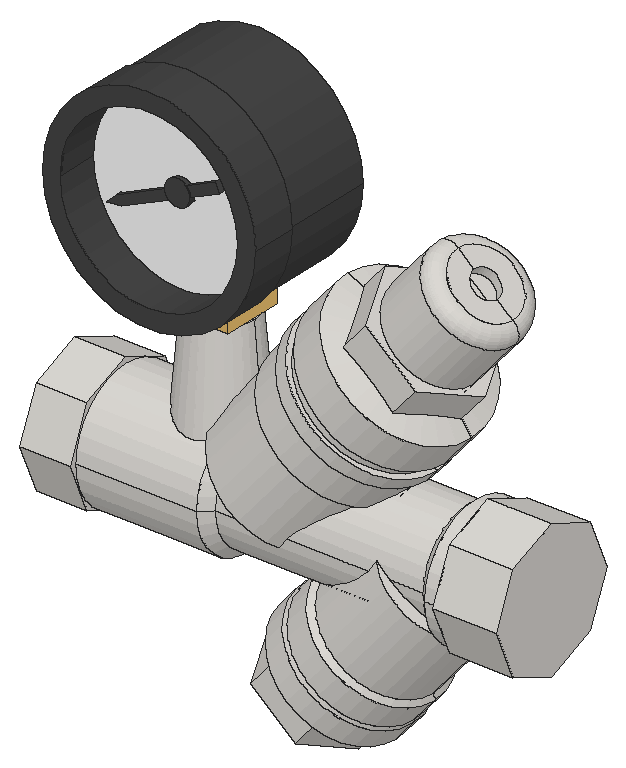
Revit family "VT.515.N", category Арматура трубопроводов, Revit 2019
Family settings
  Размер круглого соединителя = Использовать диаметр
  Тип детали = Вставляется
  На основе рабочей плоскости = Нет
  Всегда вертикально = Да
  При загрузке вырезать с полостями = Нет
  Общий = Нет
Parameters
  Изготовитель = "VALTEC"
  URL = "https://valtec.ru/"
  Du [instance] = 19 mm
  ADSK_Обозначение [instance] = "VT.515.N"  # constant formula
  ADSK_Наименование [instance] = "Подпиточный клапан с фильтром и манометром"  # constant formula
  ADSK_Материал = Латунь-CW617N
  ADSK_Масса [instance] = 0.481  # constant formula
  ADSK_Код изделия - манометр [instance] = "VT.TM40.D"  # constant formula
  ADSK_Код изделия [instance] = "VT.515.N.04"  # constant formula
  ADSK_Завод-изготовитель [instance] = Изготовитель  # "VALTEC"
  ADSK_Единица измерения [instance] = "шт."  # constant formula
  ADSK_URL страницы изделия [instance] = "https://valtec.ru/catalog/reguliruyuschaya_armatura/reduktory_davleniya_dlya_vody/podpitochnyj_klapan_s_filtrom_i_manometrom.html"
  ADSK_URL документации изделия [instance] = "https://valtec.ru/document/technical/VT.515-1021.pdf"
Reference planes
  plane 1 "По центру (Вперед/Назад)": y = 0
  plane 2: z = 0
  plane 3 "По центру (Влево/Вправо)": x = 0
  plane 4: x = -48
  plane 5: x = 23.5
  plane 6: x = -22
  plane 7: x = 19
  plane 8: x = -24
  plane 9: x = 21
  plane 10: y = 12.5
  plane 11: y = 10.5
  plane 12: y = 12.5
  plane 13: through (0, 0, 0) normal (0, 0.3827, -0.9239)
  plane 14: through (0, 0, 0) normal (0, 0.9239, -0.3827)
  plane 15: through (0, 0, 0) normal (0, 0.9239, 0.3827)
  plane 16: through (0, 0, 0) normal (0, 0.3827, 0.9239)
  plane 17: through (0, -9.249, 10.335) normal (0, -0.9239, 0.3827)
  plane 18: through (0, 17.088, 8.589) normal (0, -0.9239, 0.3827)
  plane 19: through (0, 5.246, 15.703) normal (0, -0.3827, 0.9239)
  plane 20: through (0, 17.656, -6.217) normal (0, -0.3827, 0.9239)
  plane 21: through (0, -4.784, -11.548) normal (0, 0.3827, 0.9239)
  plane 22: through (0, 4.784, 11.548) normal (0, 0.3827, 0.9239)
  plane 23: through (0, -11.548, -4.784) normal (0, 0.9239, 0.3827)
  plane 24: through (0, 11.548, 4.784) normal (0, 0.9239, 0.3827)
  plane 25: x = -58
  plane 26: x = 36
  plane 27: x = -29
  plane 28: z = 29
  plane 29: x = -38
  plane 30: through (-38, -1524, 0) normal (-0.9962, 0, 0.0872)
  plane 31: through (-20, -1524, 0) normal (-0.766, 0, 0.6428)
  plane 32: through (-27.316, -1524, 13.062) normal (-0.766, 0, 0.6428)
  plane 33: through (-20.728, -1524, 22.469) normal (-0.766, 0, 0.6428)
  plane 34: through (-27.511, -1524, 12.829) normal (0.6428, 0, 0.766)
  plane 35: through (-17.226, -1524, 25.086) normal (0.6428, 0, 0.766)
  plane 36: through (-17.349, -1524, 26.495) normal (0.6428, 0, 0.766)
  plane 37: through (-12.85, -1524, 31.857) normal (0.6428, 0, 0.766)
  plane 38: through (-12.553, -1524, 33.767) normal (-0.766, 0, 0.6428)
  plane 39: through (-13.062, -1524, 33.341) normal (0.6428, 0, 0.766)
  plane 40: through (-11.045, -1524, 35.564) normal (0.6428, 0, 0.766)
  plane 41: through (-7.76, -1524, 37.923) normal (-0.766, 0, 0.6428)
  plane 42: through (-8.672, -1524, 36.836) normal (-0.6428, 0, -0.766)
  plane 43: through (-9.438, -1524, 37.479) normal (-0.766, 0, 0.6428)
  plane 44: through (21.781, -1524, 49.793) normal (-0.6428, 0, -0.766)
  plane 45: through (19.483, -1524, 51.721) normal (-0.766, 0, 0.6428)
  plane 46: through (20.769, -1524, 53.253) normal (-0.6428, 0, -0.766)
  plane 47: through (15.406, -1524, 57.753) normal (0.766, 0, -0.6428)
  plane 48: through (-0.972, -1524, 42.124) normal (0.6428, 0, 0.766)
  plane 49: through (-0.972, -1524, 42.124) normal (-0.4226, 0, -0.9063)
  plane 50: x = 17
  plane 51: through (17, -1524, 0) normal (0.766, 0, -0.6428)
  plane 52: through (15.072, -1524, -2.298) normal (0.6428, 0, 0.766)
  plane 53: through (23.355, -1524, -11.873) normal (0.766, 0, -0.6428)
  plane 54: through (12.756, -1524, -24.505) normal (-0.6428, 0, -0.766)
  plane 55: through (12.46, -1524, -25.562) normal (-0.6428, 0, -0.766)
  plane 56: through (12.879, -1524, -25.914) normal (0.766, 0, -0.6428)
  plane 57: through (9.022, -1524, -30.51) normal (-0.6428, 0, -0.766)
  plane 58: through (8.599, -1524, -31.461) normal (-0.6428, 0, -0.766)
  plane 59: through (8.433, -1524, -31.659) normal (0.766, 0, -0.6428)
  plane 60: through (5.385, -1524, -35.291) normal (-0.6428, 0, -0.766)
  plane 61: through (5.385, -1524, -35.291) normal (-0.3746, 0, -0.9272)
  plane 62: through (0.179, -1524, -33.533) normal (-0.6428, 0, -0.766)
  plane 63: through (0, 0, 2300) normal (-0.5, 0.866, 0)
  plane 64: through (0, 0, 2300) normal (-0.5, -0.866, 0)
  plane 65: x = 10
  plane 66: x = -10
  plane 67: through (-40, 34.641, 2300) normal (0.5, 0.866, 0)
  plane 68: through (-54.191, 19.74, 2300) normal (0.5, 0.866, 0)
  plane 69: through (-40.347, -34.842, 2300) normal (-0.5, 0.866, 0)
  plane 70: through (-68.045, -27.739, 2300) normal (-0.5, 0.866, 0)
  plane 71: through (-21.272, -1524, -23.366) normal (0.6428, 0, 0.766)
  plane 72: y = 0
  plane 73: through (2.862, -1524, 48.045) normal (0.6428, 0, 0.766)
  plane 74: through (-4.959, -1524, 44.246) normal (0.6428, 0, 0.766)
Forms (mm)
  Revolve 1, solid, material "Латунь-CW617N" <- "ADSK_Материал"
    sketch origin (0, 0, 0) x (1, 0, 0) y (0, 1, 0)
      loop
        line (-48, 0) -> (23.5, 0) -> (23.5, 12.5) -> (21, 12.5) -> (19, 10.5) -> (-22, 10.5) -> (-24, 12.5) -> (-48, 12.5) -> (-48, 0)
      axis (23.5, 0) -> (-48, 0)
    angle from 0 to 360
  Extrusion 2, solid, material "Латунь-CW617N" <- "ADSK_Материал"
    sketch origin (0, 0, 0) x (0, 1, 0) y (0, 0, 1)
      loop
        line (13.53, 0) -> (9.567, 9.567) -> (0, 13.53) -> (-9.567, 9.567) -> (-13.53, 0) -> (-9.567, -9.567) -> (0, -13.53) -> (9.567, -9.567) -> (13.53, 0)
    from -58 to -48
  Extrusion 3, solid, material "Латунь-CW617N" <- "ADSK_Материал"
    sketch origin (0, 0, 0) x (0, 1, 0) y (0, 0, 1)
      loop
        line (-9.567, 9.567) -> (-13.53, 0) -> (-9.567, -9.567) -> (0, -13.53) -> (9.567, -9.567) -> (13.53, 0) -> (9.567, 9.567) -> (0, 13.53) -> (-9.567, 9.567)
    from 23.5 to 36
  Revolve 4, solid, material "Латунь-CW617N" <- "ADSK_Материал"
    sketch origin (0, 0, 0) x (1, 0, 0) y (0, 0, 1)
      loop
        line (-29, 0) -> (-29, 29) -> (-35.463, 29) -> (-38, 0) -> (-29, 0)
      axis (-29, 0) -> (-29, 29)
    angle from 0 to 360
  Revolve 5, solid, material "Латунь-CW617N" <- "ADSK_Материал"
    sketch origin (0, 0, 0) x (1, 0, 0) y (0, 0, 1)
      loop
        line (-16.786, 3.83) -> (21.781, 49.793) -> (19.483, 51.721) -> (20.769, 53.253) -> (17.683, 55.842)
        arc (17.683, 55.842) -> (15.514, 56.526) -> (13.496, 55.476) r 2.973
        line (13.496, 55.476) -> (1.374, 41.03) -> (-4.255, 43.655) -> (-9.438, 37.479) -> (-8.672, 36.836) -> (-10.279, 34.921) -> (-11.045, 35.564) -> (-12.973, 33.266) -> (-12.85, 31.857) -> (-17.349, 26.495) -> (-17.226, 25.086) -> (-27.511, 12.829) -> (-16.786, 3.83)
      axis (-16.786, 3.83) -> (23.067, 51.325)
    angle from 0 to 360
  Revolve 6, solid, material "Латунь-CW617N" <- "ADSK_Материал"
    sketch origin (0, 0, 0) x (1, 0, 0) y (0, 0, 1)
      loop
        line (15.072, -2.298) -> (-6.462, -27.961) -> (-0.615, -32.866) -> (5.385, -35.291) -> (8.674, -31.372) -> (9.022, -30.51) -> (12.879, -25.914) -> (12.756, -24.505) -> (24.647, -10.333) -> (15.072, -2.298)
      axis (15.072, -2.298) -> (-6.462, -27.961)
    angle from 0 to 360
  Extrusion 7, solid, material "Латунь-CW617N" <- "ADSK_Материал"
    sketch origin (-10.076, 0, -31.207) x (0, 1, 0) y (-0.766044, 0, 0.642788)
      loop
        line (10, -5.774) -> (10, 5.774) -> (0, 11.547) -> (-10, 5.774) -> (-10, -5.774) -> (0, -11.547) -> (10, -5.774)
    from -1.19 to 6.81
  Extrusion 8, solid, material "Латунь-CW617N" <- "ADSK_Материал"
    sketch origin (9.035, 0, 34.602) x (0, 1, 0) y (-0.766044, 0, 0.642788)
      loop
        line (11, -6.351) -> (11, 6.351) -> (0, 12.702) -> (-11, 6.351) -> (-11, -6.351) -> (0, -12.702) -> (11, -6.351)
    from -1.608 to 6.33
Dimensions and locks
  locked: plane 6 to plane 3 "По центру (Влево/Вправо)" at 22
  locked: plane 6 to plane 7 at 41
  locked: plane 8 to plane 6 at 2
  locked: plane 7 to plane 9 at 2
  locked: plane 4 to plane 8 at 24
  locked: plane 9 to plane 5 at 2.5
  locked: plane 10 to plane 1 "По центру (Вперед/Назад)" at 12.5
  locked: plane 1 "По центру (Вперед/Назад)" to plane 11 at 10.5
  locked: plane 12 to plane 1 "По центру (Вперед/Назад)" at 12.5
  equal spacing: plane 19, plane 13, plane 20
  locked: plane 19 to plane 20 at 25
  equal spacing: plane 22, plane 16, plane 21
  locked: plane 22 to plane 21 at 25
  equal spacing: plane 17, plane 14, plane 18
  locked: plane 17 to plane 18 at 25
  equal spacing: plane 24, plane 15, plane 23
  locked: plane 24 to Revolve 1 at 25
  locked: plane 25 to plane 4 at 10
  locked: plane 5 to plane 26 at 12.5
  locked: plane 27 to plane 3 "По центру (Влево/Вправо)" at 29
  locked: plane 3 "По центру (Влево/Вправо)" to plane 29 at 38
  locked: plane 28 to level at 29
  locked: plane 32 to plane 31 at 14
  locked: plane 33 to plane 31 at 15
  locked: plane 34 to Revolve 4 at 5
  locked: plane 35 to plane 34 at 16
  locked: plane 36 to plane 35 at 1
  locked: plane 37 to plane 36 at 7
  locked: plane 39 to plane 37 at 1
  locked: plane 38 to plane 31 at 16
  locked: plane 40 to plane 39 at 3
  locked: plane 38 to plane 41 at 1
  plane 42 to plane 40 = 2.5 mm
  locked: plane 34 to plane 44 at 60
  locked: plane 45 to plane 31 at 3
  locked: plane 44 to plane 46 at 2
  locked: plane 31 to plane 47 at 10
  locked: plane 43 to plane 31 at 16
  locked: plane 3 "По центру (Влево/Вправо)" to plane 50 at 17
  locked: plane 51 to plane 52 at 3
  locked: plane 53 to plane 51 at 12.5
  locked: plane 52 to plane 54 at 18.5
  locked: plane 55 to plane 54 at 1
  locked: plane 56 to plane 51 at 13.5
  locked: plane 57 to plane 55 at 6
  locked: plane 58 to plane 57 at 1
  locked: plane 60 to plane 58 at 5
  locked: plane 62 to plane 60 at 2
  equal spacing: plane 66, plane 3 "По центру (Влево/Вправо)", plane 65
  locked: plane 66 to plane 65 at 20
  equal spacing: plane 70, plane 63, plane 69
  locked: plane 70 to plane 69 at 20
  plane 67 to plane 64 to plane 68 = 10 mm, 10 mm
  locked: plane 67 to plane 68 at 20
  locked: plane 71 to plane 60 at 8
  locked: plane 48 to plane 46 at 22.5
  locked: plane 73 to plane 46 at 15.5
  locked: plane 73 to plane 74 at 7.938
  locked: level to plane 30 (angle 85.00°)
  locked: level to plane 31 (angle 50.00°)
  locked: level to plane 51 (angle 50.00°)
  locked: plane 61 to plane 59 (angle 72.00°)
  locked: plane 64 to plane 1 "По центру (Вперед/Назад)" (angle 30.00°)
  locked: plane 1 "По центру (Вперед/Назад)" to plane 63 (angle 30.00°)
  locked: plane 49 to plane 47 (angle 75.00°)
  aligned and locked: level to plane 2
  aligned and locked: Revolve 1 sketch curve to plane 1 "По центру (Вперед/Назад)"  (x2)
  aligned and locked: Revolve 1 sketch curve to plane 11
  aligned and locked: Revolve 1 sketch curve to plane 10
  aligned and locked: plane 4 to Revolve 1 sketch curve
  aligned and locked: plane 10 to Revolve 1 sketch curve
  aligned and locked: Revolve 1 sketch curve to plane 5
  aligned and locked: Extrusion 2 sketch curve to plane 22
  aligned and locked: Extrusion 2 sketch curve to plane 19
  aligned and locked: Extrusion 2 sketch curve to plane 17
  aligned and locked: Extrusion 2 sketch curve to plane 23
  aligned and locked: Extrusion 2 sketch curve to plane 21
  aligned and locked: Extrusion 2 sketch curve to plane 20
  aligned and locked: Extrusion 2 sketch curve to plane 18
  aligned and locked: Extrusion 2 sketch curve to plane 24
  aligned and locked: plane 4 to Extrusion 2
  aligned and locked: Extrusion 2 to plane 25
  aligned and locked: Extrusion 3 sketch curve to plane 19
  aligned and locked: Extrusion 3 sketch curve to plane 22
  aligned and locked: Extrusion 3 sketch curve to plane 24
  aligned and locked: Extrusion 3 sketch curve to plane 18
  aligned and locked: Extrusion 3 sketch curve to plane 20
  aligned and locked: Extrusion 3 sketch curve to plane 21
  aligned and locked: Extrusion 3 sketch curve to plane 23
  aligned and locked: Extrusion 3 sketch curve to plane 17
  aligned and locked: Extrusion 3 to plane 5
  aligned and locked: Extrusion 3 to plane 26
  aligned and locked: Revolve 4 sketch curve to plane 27  (x2)
  aligned and locked: Revolve 4 sketch curve to plane 30
  aligned and locked: Revolve 4 sketch curve to plane 28
  aligned and locked: level to Revolve 4 sketch curve
  aligned and locked: plane 47 to Revolve 5 sketch curve
  aligned and locked: plane 45 to Revolve 5 sketch curve
  aligned and locked: plane 46 to Revolve 5 sketch curve
  aligned and locked: Revolve 5 sketch curve to plane 44
  aligned and locked: Revolve 5 sketch curve to plane 31  (x2)
  aligned and locked: plane 38 to Revolve 5 sketch curve
  aligned and locked: Revolve 5 sketch curve to plane 49
  aligned and locked: Revolve 5 sketch curve to plane 42
  aligned and locked: Revolve 5 sketch curve to plane 41
  aligned and locked: Revolve 5 sketch curve to plane 40
  aligned and locked: Revolve 5 sketch curve to plane 38
  aligned and locked: Revolve 5 sketch curve to plane 33
  aligned and locked: Revolve 5 sketch curve to plane 32
  aligned and locked: Revolve 5 sketch curve to plane 34
  aligned and locked: plane 51 to Revolve 6 sketch curve
  aligned and locked: Revolve 6 sketch curve to plane 52
  aligned and locked: Revolve 6 sketch curve to plane 53
  aligned and locked: Revolve 6 sketch curve to plane 56
  aligned and locked: Revolve 6 sketch curve to plane 59
  aligned and locked: Revolve 6 sketch curve to plane 61
  aligned and locked: Revolve 6 sketch curve to plane 62
  aligned and locked: Revolve 6 sketch curve to plane 51
  aligned and locked: Extrusion 7 to plane 71
  aligned and locked: plane 60 to Extrusion 7
  aligned and locked: plane 1 "По центру (Вперед/Назад)" to Extrusion 7
  aligned and locked: plane 27 to nested 1
  aligned and locked: plane 1 "По центру (Вперед/Назад)" to nested 1
  aligned and locked: nested 1 to Revolve 4
  aligned and locked: plane 73 to Extrusion 8
  aligned and locked: Extrusion 8 to Revolve 5
Automatic sketch dimensions
  Revolve 1 sketch curve to plane 8 = 0 mm
  Revolve 1 sketch curve to plane 6 = 0 mm
  Revolve 1 sketch curve to plane 7 = 0 mm
  Revolve 1 sketch curve to plane 9 = 0 mm
  Revolve 1 sketch curve to plane 4 = 1952 mm
  plane 5 to Revolve 1 sketch curve = 1976.5 mm
  Revolve 4 sketch curve to level = 0 mm
  Revolve 4 sketch curve to plane 28 = 0 mm
  plane 57 to Revolve 6 sketch curve = 0 mm
  plane 54 to Revolve 6 sketch curve = 0 mm
  plane 55 to Revolve 6 sketch curve = 0 mm
  Revolve 6 sketch curve to Revolve 6 sketch curve = 0.348 mm
  Revolve 6 sketch curve to level = 0 mm
  Revolve 6 sketch curve to Revolve 6 sketch curve = 1.13 mm
  plane 1 "По центру (Вперед/Назад)" to Extrusion 7 sketch curve = 0 mm  (x2)
  plane 1 "По центру (Вперед/Назад)" to Extrusion 7 sketch curve = 10 mm
  Extrusion 7 sketch curve to plane 11 = 0.5 mm
  plane 51 to Extrusion 7 sketch curve = 10.865 mm
  plane 51 to Extrusion 7 sketch curve = 5.092 mm  (x2)
  Extrusion 7 sketch curve to plane 31 = 21.888 mm  (x2)
  Extrusion 7 sketch curve to plane 31 = 16.115 mm
  Revolve 5 sketch curve to level = 0 mm
  Revolve 5 sketch curve to plane 36 = 0 mm
  Revolve 5 sketch curve to plane 35 = 0 mm
  Revolve 5 sketch curve to plane 39 = 0 mm
  Revolve 5 sketch curve to plane 37 = 0 mm
  plane 44 to Revolve 5 sketch curve = 0 mm
  Revolve 5 sketch curve to plane 7 = 5.504 mm
  plane 1 "По центру (Вперед/Назад)" to Extrusion 8 sketch curve = 0 mm  (x2)
  Extrusion 8 sketch curve to plane 51 = 34.694 mm  (x2)
  plane 1 "По центру (Вперед/Назад)" to Extrusion 8 sketch curve = 11 mm
  plane 11 to Extrusion 8 sketch curve = 0.5 mm
  Extrusion 8 sketch curve to plane 59 = 35.78 mm  (x2)
  Extrusion 8 sketch curve to plane 59 = 29.429 mm
  Extrusion 8 sketch curve to plane 51 = 41.045 mm
Nested families
  nested 1: "VT.TM40.D" at (-29, 0, 54), type "VT.TM40.D"
    with Черный Черный, Бронза Бронза, Белый Белый, ADSK_URL документации изделия "https://valtec.ru/document/technical/VT.TM-0920.pdf"
Connectors
  piping at (-58, 0, 0), diameter 19, driven by "Du"
    settings: on Extrusion 2, index 3, connector inside diameter 609.6 mm, connector length 0 mm, flow factor 0, pipe flow 0.0 L/s, pressure drop 0.0 Pa, fitting loss kfactor 0, connector angle 0.00°, fixture units 0, engagement length 0 mm, angle of deflection 0.00°, flow configuration 0, flow direction 0, fitting loss method 0, system type 7, joint type 0, gender type 0, connector reference index -1, connector utility 0, adjustable connector no, is connector primary yes, connector description ""
  piping at (36, 0, 0), diameter 19, driven by "Du"
    settings: on Extrusion 3, index 4, connector inside diameter 609.6 mm, connector length 0 mm, flow factor 0, pipe flow 0.0 L/s, pressure drop 0.0 Pa, fitting loss kfactor 0, connector angle 0.00°, fixture units 0, engagement length 0 mm, angle of deflection 0.00°, flow configuration 0, flow direction 0, fitting loss method 0, system type 7, joint type 0, gender type 0, connector reference index -1, connector utility 0, adjustable connector no, is connector primary no, connector description ""
Definition of nested family "VT.TM40.D"
  Parameters (values of type "VT.TM40.D")
    Черный [instance] = none
    Бронза [instance] = none
    Белый [instance] = none
    URL = "https://valtec.ru/"
    ADSK_URL страницы изделия = "https://valtec.ru/catalog/kontrolno_izmeritelnye_pribory/manometry/manometr_s_nijnim_podklyucheniem_vttm40d.html"
    ADSK_URL документации изделия [instance] = "https://valtec.ru/document/technical/VT.TM-0920.pdf"
  Reference planes
    plane 1 "По центру (Вперед/Назад)": y = 0
    plane 2: z = 0
    plane 3 "По центру (Влево/Вправо)": x = 0
    plane 4: y = 6
    plane 5: y = -6
    plane 6: x = 6
    plane 7: x = -6
    plane 8: z = -25
    plane 9: z = -35
    plane 10: y = 9
    plane 11: y = -9
    plane 12: y = -18
    plane 13: through (0, -1524, 0) normal (0.4226, 0, -0.9063)
    plane 14: through (-14.015, -1524, -7.639) normal (-0.4226, 0, 0.9063)
    plane 15: through (-13.665, -1524, -5.269) normal (-0.4226, 0, 0.9063)
    plane 16: through (-13.975, -1524, -6.517) normal (-0.7071, 0, 0.7071)
    plane 17: through (-13.975, -1524, -6.517) normal (-0.0872, 0, 0.9962)
    plane 18: through (6.656, -1524, 6.59) normal (0.9063, 0, 0.4226)
    plane 19: y = -11
    plane 20: y = -10
  Forms (mm)
    Extrusion 1, solid, material <- "Бронза"
      sketch origin (0, 0, 0) x (1, 0, 0) y (0, 1, 0)
        loop
          line (-6, 6) -> (-6, -6) -> (6, -6) -> (6, 6) -> (-6, 6)
      from 0 to -25
    Extrusion 2, solid, material <- "Бронза"
      sketch origin (0, 0, 0) x (1, 0, 0) y (0, 1, 0)
        loop
          circle (0, 0) r 4
      from -25 to -35
    Extrusion 3, solid, material <- "Черный"
      sketch origin (0, 0, 0) x (1, 0, 0) y (0, 0, 1)
        loop
          circle (0, 0) r 20.5
      from -9 to 9
    Extrusion 4, solid, material <- "Черный"
      sketch origin (0, 0, 0) x (1, 0, 0) y (0, 0, 1)
        loop
          circle (0, 0) r 21
        loop
          circle (0, 0) r 17.5
      from 9 to 18
    Extrusion 5, solid, material <- "Черный"
      sketch origin (0, 0, 0) x (1, 0, 0) y (0, 0, 1)
        loop
          line (-13.975, -6.517) -> (-11.062, -6.262) -> (8.414, 2.82) -> (7.569, 4.633) -> (-11.908, -4.449) -> (-13.975, -6.517)
      from 10 to 11
    Extrusion 6, solid, material <- "Белый"
      sketch origin (0, 0, 0) x (1, 0, 0) y (0, 0, 1)
        loop
          circle (0, 0) r 17.5
      from 9 to 10
    Extrusion 7, solid, material <- "Черный"
      sketch origin (0, 0, 0) x (1, 0, 0) y (0, 0, 1)
        loop
          circle (0, 0) r 2.513
      from 9 to 11
  Dimensions and locks
    equal spacing: plane 7, plane 3 "По центру (Влево/Вправо)", plane 6
    locked: plane 7 to plane 6 at 12
    equal spacing: plane 4, plane 1 "По центру (Вперед/Назад)", plane 5
    locked: plane 4 to plane 5 at 12
    locked: level to plane 8 at 25
    locked: level to plane 9 at 35
    equal spacing: plane 10, plane 1 "По центру (Вперед/Назад)", plane 11
    locked: plane 10 to plane 11 at 18
    locked: plane 11 to plane 12 at 9
    equal spacing: plane 15, plane 13, plane 14
    locked: plane 11 to plane 20 at 1
    locked: plane 20 to plane 19 at 1
    diameter of Extrusion 2 sketch curve = 8 mm
    diameter of Extrusion 3 sketch curve = 41 mm
    diameter of Extrusion 4 sketch curve = 42 mm
    diameter of Extrusion 4 sketch curve = 35 mm
    diameter of Extrusion 4 = 35 mm
    diameter of Extrusion 7 sketch curve = 5.027 mm
    aligned and locked: level to plane 2
    aligned and locked: plane 7 to Extrusion 1 sketch curve
    aligned and locked: plane 5 to Extrusion 1 sketch curve
    aligned and locked: Extrusion 1 sketch curve to plane 6
    aligned and locked: Extrusion 1 sketch curve to plane 4
    aligned and locked: plane 8 to Extrusion 1
    aligned and locked: plane 1 "По центру (Вперед/Назад)" to Extrusion 2 sketch curve
    aligned and locked: Extrusion 1 to Extrusion 2
    aligned and locked: plane 9 to Extrusion 2
    aligned and locked: plane 3 "По центру (Влево/Вправо)" to Extrusion 3 sketch curve
    aligned and locked: Extrusion 3 sketch curve to Extrusion 1
    aligned and locked: plane 10 to Extrusion 3
    aligned and locked: Extrusion 3 to plane 11
    aligned and locked: plane 3 "По центру (Влево/Вправо)" to Extrusion 4 sketch curve
    aligned and locked: Extrusion 4 sketch curve to Extrusion 1
    aligned and locked: Extrusion 4 to Extrusion 3
    aligned and locked: Extrusion 4 to plane 12
    aligned and locked: plane 14 to Extrusion 5 sketch curve
    aligned and locked: Extrusion 5 sketch curve to plane 15
    aligned and locked: Extrusion 5 sketch curve to plane 18
    aligned and locked: plane 17 to Extrusion 5 sketch curve
    aligned and locked: Extrusion 5 sketch curve to plane 16
    aligned and locked: Extrusion 5 to plane 19
    aligned and locked: plane 3 "По центру (Влево/Вправо)" to Extrusion 6 sketch curve
    aligned and locked: level to Extrusion 6 sketch curve
    aligned and locked: Extrusion 6 to Extrusion 3
    aligned and locked: Extrusion 6 to Extrusion 5
    aligned and locked: plane 20 to Extrusion 5
    aligned and locked: plane 3 "По центру (Влево/Вправо)" to Extrusion 7 sketch curve
    aligned and locked: Extrusion 7 sketch curve to Extrusion 1
    aligned and locked: Extrusion 7 to Extrusion 3
    aligned and locked: Extrusion 5 to Extrusion 7
  Automatic sketch dimensions
    Extrusion 4 sketch curve to Extrusion 4 sketch curve = 0 mm  (x2)
    Extrusion 2 sketch curve to plane 3 "По центру (Влево/Вправо)" = 0 mm
    radius of Extrusion 6 sketch curve = 17.5 mm
